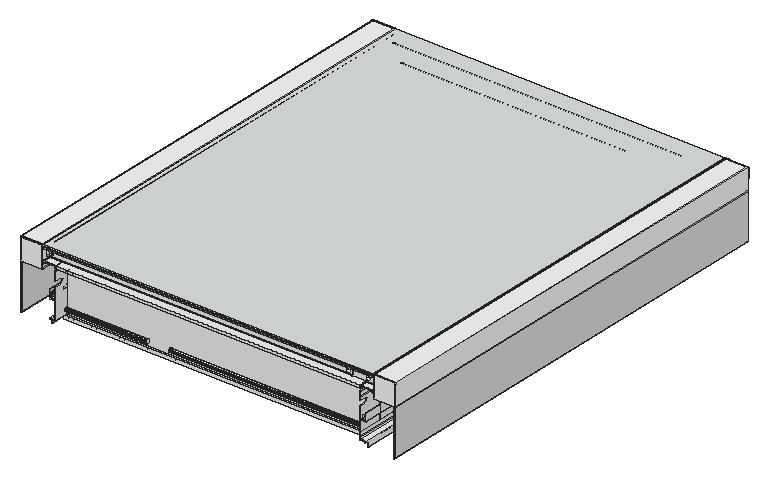
Revit family "Furniture-Lighted_Mirror_Cabinet-KOHLER-VERDERA-K-26379T", category Lighting Fixtures, host Face, Revit 2021
Family settings
  Host = Face
  Round Connector Dimension = Use Diameter
  Part Type = Normal
  OmniClass Number = 23.25.53.11.13.11
  OmniClass Title = Medicine Cabinet
  Cut with Voids When Loaded = No
  Light Source = Yes
  Shared = No
  Room Calculation Point = No
Parameters (values of type "NA-Mild Silver")
  Width = 26 99/128"  # constant formula
  Wattage Comments = "36W"  # constant formula
  Wattage = 35.9911 W
  WaterSense Certified = 1 = 0  # no
  built-in parameter 1150110 = 1 (stored number, unit not read)
  Voltage = 220 V  # constant formula
  URL = "http://www.kohler.com.cn/"
  Type = 1
  built-in parameter 1114217 = 1 (stored number, unit not read)
  built-in parameter 1150109 = 1 (stored number, unit not read)
  built-in parameter 1150134 = 12
  built-in parameter 1150113 = 1 (stored number, unit not read)
  Product Page URL = "https://www.kohler.com.cn/product/K-26379T-L-NA/K-26379T-L-NA/"
  Product Name = "Verdera"  # constant formula
  Product Documentation Link = "https://files.kohler.com.cn/pdfs/1604632419058_%E6%96%B0%E7%BB%B4%E4%B9%902.0%E9%95%9C%E6%9F%9C%E9%93%B6%E8%89%B2%E7%89%88%E5%AE%89%E8%A3%85%E8%AF%B4%E6%98%8E%E4%B9%A6.pdf"
  Model = "K-26379T-L-NA"  # constant formula
  Material = "Aluminium"  # constant formula
  Master Format 2014 Name = "Storage Cabinets"  # constant formula
  Master Format 2014 = "41 53 13"  # constant formula
  Manufacturer Address = "Kohler Beijing Office (100016) 36-2-03-B, No. 88, Liuxiang Road, Beijing"  # constant formula
  Manufacturer = "Kohler Co."  # constant formula
  built-in parameter 1150105 = 413.8 (stored number, unit not read)
  Lumens = 1300 lm
  built-in parameter 1150115 = 1 (stored number, unit not read)
  Light Source Symbol Size = 9"  # constant formula
  built-in parameter 1150137 = (empty or 0)
  built-in parameter 1150139 = (empty or 0)
  Length = 4 59/64"  # constant formula
  built-in parameter 1150112 = 1 (stored number, unit not read)
  built-in parameter 1150114 = 1 (stored number, unit not read)
  Lamp = "LED "  # constant formula
  built-in parameter 1150132 = 2
  built-in parameter 1150102 = (empty or 0)
  built-in parameter 1150107 = 4000 (stored number, unit not read)
  built-in parameter 1150138 = (empty or 0)
  built-in parameter 1150106 = 4.138 (stored number, unit not read)
  Height = 31 127/256"  # constant formula
  Hardware Included = 1 = 0  # no
  Finish = KOHLER-Metal-NA-Mild_Silver
  Environmental Product Declaration = ""
  Emit from Line Length = 24"
  Electrical Note = "One Dedicated Circuit Required"  # constant formula
  Electrical Connector = 1 = 1  # yes
  built-in parameter 1150104 = 3.3557 (stored number, unit not read)
  Dimming Lamp Color Temperature Shift = Incandescent Lamp Curve
  Description = "2.0 Mirror Cabinet (700MM, Silver, Left Door)"  # constant formula
  Default Elevation = 60"
  Declare Label = ""
  Date Modified = "01/19/2023"  # constant formula
  Date Created = "01/19/2023"  # constant formula
  Copyright = "Copyright Kohler Co."  # constant formula
  Contact Us = "http://www.kohler.com.cn/contact/contact-us/"
  Color Filter = 16777215
  built-in parameter 1114218 = 1 (stored number, unit not read)
  built-in parameter 1150133 = 10 (stored number, unit not read)
  Assembly Code = "E2010"
  Apparent Load = 36 VA  # constant formula
  ADA Compliant = 1 = 0  # no
Reference planes (in)
  plane 1 "Center (Front/Back)": y = 0
  plane 2: z = 0
  plane 3 "Center (Left/Right)": x = -3.93703
  plane 4: x = 9.44882
  plane 5: x = 8.66203
  plane 6: x = -16.53528
  plane 7: y = 15.74803
  plane 8: x = 6.2279
  plane 9: x = -15.68821
  plane 10: x = 7.81496
  plane 11: z = 1.9685
  plane 12: z = 4.1381
  plane 13: z = 4.92187
  plane 14: z = 3.34722
  plane 15: y = -15.74806
  plane 16: x = -17.32462
  plane 17: z = 4.14956
  plane 18: z = 0.23626
Dimensions and locks (in)
  "Length": plane 13 to level
  plane 9 to plane 10 = 23.50317"
  plane 5 to imposter light = 25.19731"
  plane 13 to plane 14 = 1.57466"
  plane 14 to level = 3.34722"
  plane 13 to level = 4 59/64"
  "Width": plane 16 to plane 4
  "Height": plane 7 to plane 15
  plane 6 to plane 5 = 25.19731"
  plane 13 to plane 18 = 4.68561"
  aligned and locked: plane 2 to host face
  aligned and locked: level to host face
Automatic sketch dimensions
  host sketch curve to host sketch curve = 96"  (x2)
Nested families (in)
  nested 1: "K-26379T" at (3.93701, 0, 0), type "K-26379T"
Connectors (in)
  electrical at (6.2279, 15.74803, 1.9685), driven by "Voltage", driven by "Apparent Load", driven by "Electrical Connector", driven by "Electrical Note"
    settings: on nested 1, index 1, voltage 220 V, apparent load 36 VA, apparent load phase1 0 VA, apparent load phase2 0 VA, apparent load phase3 0 VA, power factor 1, load classification "Lighting", number of poles 1, system type 30, power factor state 1, is connector primary yes, connector utility yes, sub classification motor no, connector description "One Dedicated Circuit Required"
Definition of nested family "K-26379T"
  Parameters (values of type "K-26379T")
    Wattage Comments = "36W"
    Wattage = 35.9911 W
    built-in parameter 1150110 = 1 (stored number, unit not read)
    built-in parameter 1114217 = 1 (stored number, unit not read)
    built-in parameter 1150109 = 1 (stored number, unit not read)
    built-in parameter 1150134 = 12
    built-in parameter 1150113 = 1 (stored number, unit not read)
    Material = none
    built-in parameter 1150105 = 413.8 (stored number, unit not read)
    Lumens = 1300 lm
    built-in parameter 1150115 = 1 (stored number, unit not read)
    Light Source Symbol Size = 9"
    built-in parameter 1150137 = (empty or 0)
    built-in parameter 1150139 = (empty or 0)
    built-in parameter 1150112 = 1 (stored number, unit not read)
    built-in parameter 1150114 = 1 (stored number, unit not read)
    Lamp = "LED "
    built-in parameter 1150132 = 2
    built-in parameter 1150102 = (empty or 0)
    built-in parameter 1150107 = 4000 (stored number, unit not read)
    built-in parameter 1150138 = (empty or 0)
    built-in parameter 1150106 = 4.138 (stored number, unit not read)
    Emit from Line Length = 24"
    built-in parameter 1150104 = 3.3557 (stored number, unit not read)
    Dimming Lamp Color Temperature Shift = 1
    Default Elevation = 0"
    Color Filter = 16777215
    built-in parameter 1114218 = 1 (stored number, unit not read)
    built-in parameter 1150133 = 10 (stored number, unit not read)
    Apparent Load = 36 VA
  Reference planes (in)
    plane 1 "Center (Front/Back)": y = 0
    plane 2: z = 0
    plane 3 "Center (Left/Right)": x = -7.87403
    plane 4: y = -15.74803
    plane 5: z = 2.28161
    plane 6: z = 4.92126
    plane 7: x = 5.51181
    plane 8: y = 15.74803
    plane 9: z = 3.3466
    plane 10: x = -20.46584
    plane 11: x = 4.72502
    plane 12: z = 4.1381
    plane 13: x = -19.62602
    plane 14: x = 3.87795
    plane 15 "conn": z = 1.9685
    plane 16 "Conn": x = 2.29089
    plane 17: z = 0.23626
    plane 18: x = -21.25988
    plane 19: z = 4.14956
  Forms (in)
    Sweep 1, solid
      path origin (-18.89764, 0, 0) x (1, 0, 0) y (0, 1, 0)
        loop
          line (22.74409, -15.71654) -> (22.74409, 15.71654) -> (-0.69689, 15.71654) -> (-0.69689, -15.71654) -> (22.74409, -15.71654)
      profile origin (3.84646, 0, 0) x (-1, 0, 0) y (0, 0, 1)
        loop
          line (0, 4.92141) -> (-0.0315, 4.88991) -> (-0.0315, 4.83479) -> (0, 4.8033) -> (0.88625, 4.8033) -> (0.88625, 4.92141) -> (0, 4.92141)
    Extrusion 2, solid, material <- "Material", detail levels medium+fine
      sketch origin (-14.4685, 0, 0.03076) x (0, 1, 0) y (0, 0, 1)
        loop
          line (15.51181, 4.16976) -> (15.51181, 4.61174)
          arc (15.51181, 4.61174) -> (15.52334, 4.63958) -> (15.55118, 4.65111) r 0.03937
          line (15.55118, 4.65111) -> (15.66022, 4.65111)
          arc (15.66022, 4.65111) -> (15.70943, 4.70033) -> (15.66022, 4.74954) r 0.04921
          line (15.66022, 4.74954) -> (15.41339, 4.74954) -> (15.41339, 4.16976)
          arc (15.41339, 4.16976) -> (15.4626, 4.12055) -> (15.51181, 4.16976) r 0.04921
      from -5.11815 to 18.34646
    Extrusion 3, solid
      sketch origin (0, 0, 0) x (1, 0, 0) y (0, 1, 0)
        loop
          line (-18.70828, 14.83029) -> (-18.70828, -14.83029) -> (2.96021, -14.83029) -> (2.96021, 14.83029) -> (-18.70828, 14.83029)
      from 4.80315 to 4.92126
    Sweep 4, solid
      path origin (-3.93705, 0, 0) x (0, 1, 0) y (0, 0, -1)
        loop
          line (15.70866, -0.11811) -> (-15.70866, -0.11811) -> (-15.70866, -3.30709) -> (15.70866, -3.30709) -> (15.70866, -0.11811)
      profile origin (-3.93705, 0, 0.11811) x (0, 0, 1) y (-1, 0, 0)
        loop
          line (0.13338, 17.20472) -> (0.13338, 17.32283) -> (0.00015, 17.32283) -> (-0.03937, 17.28332) -> (-0.03937, 17.24424) -> (0.00015, 17.20472) -> (0.13338, 17.20472)
    Extrusion 5, solid
      sketch origin (-3.93705, 0, 0) x (0, 1, 0) y (0, 0, -1)
        loop
          line (-15.57528, -3.17371) -> (15.57528, -3.17371) -> (15.57528, -0.25149) -> (-15.57528, -0.25149) -> (-15.57528, -3.17371)
      from 17.20472 to 17.32283
    Extrusion 6, solid
      sketch origin (-3.93705, 0, 0) x (1, 0, 0) y (0, 0, 1)
        loop
          arc (-17.32283, 3.38604) -> (-17.31124, 3.35805) -> (-17.28326, 3.34646) r 0.03958
          line (-17.28326, 3.34646) -> (-15.7874, 3.34646)
          arc (-15.7874, 3.34646) -> (-15.75956, 3.35799) -> (-15.74803, 3.38583) r 0.03937
          line (-15.74803, 3.38583) -> (-15.74803, 4.88194)
          arc (-15.74803, 4.88194) -> (-15.75955, 4.90974) -> (-15.78735, 4.92126) r 0.03932
          line (-15.78735, 4.92126) -> (-17.28318, 4.92126)
          arc (-17.28318, 4.92126) -> (-17.31122, 4.90965) -> (-17.32283, 4.88161) r 0.03965
          line (-17.32283, 4.88161) -> (-17.32283, 3.38604)
        loop
          line (-15.78735, 4.90157) -> (-17.28318, 4.90157)
          arc (-17.28318, 4.90157) -> (-17.2973, 4.89573) -> (-17.30315, 4.88161) r 0.01997
          line (-17.30315, 4.88161) -> (-17.30315, 3.38604)
          arc (-17.30315, 3.38604) -> (-17.29732, 3.37197) -> (-17.28326, 3.36614) r 0.01989
          line (-17.28326, 3.36614) -> (-15.7874, 3.36614)
          arc (-15.7874, 3.36614) -> (-15.77348, 3.37191) -> (-15.76772, 3.38583) r 0.01969
          line (-15.76772, 3.38583) -> (-15.76772, 4.88194)
          arc (-15.76772, 4.88194) -> (-15.77347, 4.89582) -> (-15.78735, 4.90157) r 0.01963
      from -15.68898 to 15.68898
    Extrusion 7, solid
      sketch origin (-3.93705, 0, 0) x (1, 0, 0) y (0, 0, 1)
        loop
          arc (-17.27149, 4.9152) -> (-17.30362, 4.90188) -> (-17.31693, 4.86975) r 0.04544
          line (-17.31693, 4.86975) -> (-17.31692, 3.39865)
          arc (-17.31692, 3.39865) -> (-17.30336, 3.36592) -> (-17.27063, 3.35236) r 0.04628
          line (-17.27063, 3.35236) -> (-15.80012, 3.35237)
          arc (-15.80012, 3.35237) -> (-15.76746, 3.3659) -> (-15.75393, 3.39857) r 0.04619
          line (-15.75393, 3.39857) -> (-15.75394, 4.86788)
          arc (-15.75394, 4.86788) -> (-15.76785, 4.90146) -> (-15.80142, 4.91536) r 0.04748
          line (-15.80142, 4.91536) -> (-17.27149, 4.9152)
      from -15.74803 to -15.68898
    Extrusion 8, solid
      sketch origin (-3.93705, 0, 0) x (1, 0, 0) y (0, 0, -1)
        loop
          line (-17.27149, -4.9152) -> (-15.80142, -4.91536)
          arc (-15.80142, -4.91536) -> (-15.76785, -4.90146) -> (-15.75394, -4.86788) r 0.04748
          line (-15.75394, -4.86788) -> (-15.75393, -3.39857)
          arc (-15.75393, -3.39857) -> (-15.76746, -3.3659) -> (-15.80012, -3.35237) r 0.04619
          line (-15.80012, -3.35237) -> (-17.27063, -3.35236)
          arc (-17.27063, -3.35236) -> (-17.30336, -3.36592) -> (-17.31692, -3.39865) r 0.04628
          line (-17.31692, -3.39865) -> (-17.31693, -4.86975)
          arc (-17.31693, -4.86975) -> (-17.30362, -4.90188) -> (-17.27149, -4.9152) r 0.04544
      from -15.74803 to -15.68898
    Extrusion 9, solid, material <- "Material", detail levels medium+fine
      sketch origin (-3.93705, 0, 0) x (-1, 0, 0) y (0, 0, -1)
        loop
          line (15.31496, -1.37795) -> (15.23622, -1.37795) -> (15.23622, -3.30709)
          arc (15.23622, -3.30709) -> (15.24775, -3.33493) -> (15.27559, -3.34646) r 0.03937
          line (15.27559, -3.34646) -> (15.7874, -3.34646) -> (16.77165, -3.34646) -> (16.77165, -3.26772) -> (15.31496, -3.26772) -> (15.31496, -1.37795)
      from -14.54724 to -13.36614
    Extrusion 10, solid, material <- "Material", detail levels medium+fine
      sketch origin (-3.93705, -13.8189, 0) x (-1, 0, 0) y (0, 0, -1)
        loop
          line (15.31496, -1.37795) -> (15.23622, -1.37795) -> (15.23622, -3.30709)
          arc (15.23622, -3.30709) -> (15.24775, -3.33493) -> (15.27559, -3.34646) r 0.03937
          line (15.27559, -3.34646) -> (15.7874, -3.34646) -> (16.77165, -3.34646) -> (16.77165, -3.26772) -> (15.31496, -3.26772) -> (15.31496, -1.37795)
      from -14.40945 to -13.22835
    Extrusion 11, solid, material <- "Material", detail levels medium+fine
      sketch origin (-3.93705, -27.59843, 0) x (-1, 0, 0) y (0, 0, -1)
        loop
          line (15.31496, -1.37795) -> (15.23622, -1.37795) -> (15.23622, -3.30709)
          arc (15.23622, -3.30709) -> (15.24775, -3.33493) -> (15.27559, -3.34646) r 0.03937
          line (15.27559, -3.34646) -> (15.7874, -3.34646) -> (16.77165, -3.34646) -> (16.77165, -3.26772) -> (15.31496, -3.26772) -> (15.31496, -1.37795)
      from -14.23228 to -13.05118
    Extrusion 12, solid, material <- "Material", detail levels medium+fine
      sketch origin (-5.90551, 0, 0) x (0, 1, 0) y (0, 0, 1)
        loop
          line (-15.03937, 0.45669) -> (-15.03937, 0.23626) -> (-14.98031, 0.23626) -> (-14.98031, 0.3937) -> (-14.48876, 0.3937) -> (-14.48876, 0.45669) -> (-14.76378, 0.45669) -> (-14.76378, 3.93701) -> (-15.74803, 3.93701) -> (-15.74803, 3.74016) -> (-15.61024, 3.74016) -> (-15.61024, 3.80315) -> (-15.68504, 3.80315) -> (-15.68504, 3.87402) -> (-14.82677, 3.87402) -> (-14.82677, 3.4609)
          arc (-14.82677, 3.4609) -> (-14.83776, 3.44238) -> (-14.85928, 3.44316) r 0.0211
          arc (-14.85928, 3.44316) -> (-14.93337, 3.46127) -> (-15.00287, 3.42988) r 0.117
          arc (-15.00287, 3.42988) -> (-15.00421, 3.38943) -> (-14.96377, 3.38776) r 0.02873
          arc (-14.96377, 3.38776) -> (-14.86285, 3.34318) -> (-14.9639, 3.29888) r 0.06027
          arc (-14.9639, 3.29888) -> (-15.00456, 3.29736) -> (-15.00344, 3.25669) r 0.02891
          arc (-15.00344, 3.25669) -> (-14.93136, 3.22459) -> (-14.8553, 3.24555) r 0.117
          arc (-14.8553, 3.24555) -> (-14.83653, 3.2468) -> (-14.82677, 3.23073) r 0.01811
          line (-14.82677, 3.23073) -> (-14.82677, 0.90007)
          arc (-14.82677, 0.90007) -> (-14.83653, 0.884) -> (-14.8553, 0.88525) r 0.01811
          arc (-14.8553, 0.88525) -> (-14.93136, 0.90621) -> (-15.00344, 0.87412) r 0.117
          arc (-15.00344, 0.87412) -> (-15.00456, 0.83345) -> (-14.9639, 0.83193) r 0.02891
          arc (-14.9639, 0.83193) -> (-14.86285, 0.78763) -> (-14.96377, 0.74304) r 0.06027
          arc (-14.96377, 0.74304) -> (-15.00421, 0.74137) -> (-15.00287, 0.70092) r 0.02873
          arc (-15.00287, 0.70092) -> (-14.93337, 0.66953) -> (-14.85928, 0.68764) r 0.117
          arc (-14.85928, 0.68764) -> (-14.83776, 0.68842) -> (-14.82677, 0.6699) r 0.0211
          line (-14.82677, 0.6699) -> (-14.82677, 0.45669) -> (-15.03937, 0.45669)
      from -12.79531 to 8.85827
    Extrusion 13, solid, material <- "Material", detail levels medium+fine
      sketch origin (-14.4685, 0, 0) x (0, -1, 0) y (0, 0, -1)
        loop
          arc (15.51181, -4.19911) -> (15.4626, -4.1499) -> (15.41339, -4.19911) r 0.04921
          line (15.41339, -4.19911) -> (15.41339, -4.77953) -> (15.65724, -4.77953)
          arc (15.65724, -4.77953) -> (15.70645, -4.73031) -> (15.65724, -4.6811) r 0.04921
          line (15.65724, -4.6811) -> (15.55118, -4.6811)
          arc (15.55118, -4.6811) -> (15.52334, -4.66957) -> (15.51181, -4.64173) r 0.03937
          line (15.51181, -4.64173) -> (15.51181, -4.19911)
      from -5.11815 to 16.79134
    Extrusion 14, solid, material <- "Material", detail levels medium+fine
      sketch origin (0, 0, 0) x (0, 1, 0) y (0, 0, 1)
        loop
          line (15.57969, 3.64212) -> (15.68691, 3.6403) -> (15.68691, 0.29778) -> (15.57791, 0.29593)
          arc (15.57791, 0.29593) -> (15.54882, 0.2661) -> (15.57841, 0.23676) r 0.02959
          line (15.57841, 0.23676) -> (15.68522, 0.23676)
          arc (15.68522, 0.23676) -> (15.72957, 0.25512) -> (15.74793, 0.29947) r 0.06271
          line (15.74793, 0.29947) -> (15.74793, 3.64119)
          arc (15.74793, 3.64119) -> (15.73032, 3.68371) -> (15.6878, 3.70132) r 0.06013
          line (15.6878, 3.70132) -> (15.58019, 3.70132)
          arc (15.58019, 3.70132) -> (15.55058, 3.67197) -> (15.57969, 3.64212) r 0.02961
      from -19.48813 to 3.74016
    Extrusion 15, solid, material <- "Material", detail levels medium+fine
      sketch origin (-5.90551, 0, 0) x (0, -1, 0) y (0, 0, -1)
        loop
          line (-15.03937, -0.45669) -> (-14.82677, -0.45669) -> (-14.82677, -0.6699)
          arc (-14.82677, -0.6699) -> (-14.83776, -0.68842) -> (-14.85928, -0.68764) r 0.0211
          arc (-14.85928, -0.68764) -> (-14.93337, -0.66953) -> (-15.00287, -0.70092) r 0.117
          arc (-15.00287, -0.70092) -> (-15.00421, -0.74137) -> (-14.96377, -0.74304) r 0.02873
          arc (-14.96377, -0.74304) -> (-14.86285, -0.78763) -> (-14.9639, -0.83193) r 0.06027
          arc (-14.9639, -0.83193) -> (-15.00456, -0.83345) -> (-15.00344, -0.87412) r 0.02891
          arc (-15.00344, -0.87412) -> (-14.93136, -0.90621) -> (-14.8553, -0.88525) r 0.117
          arc (-14.8553, -0.88525) -> (-14.83653, -0.884) -> (-14.82677, -0.90007) r 0.01811
          line (-14.82677, -0.90007) -> (-14.82677, -3.23073)
          arc (-14.82677, -3.23073) -> (-14.83653, -3.2468) -> (-14.8553, -3.24555) r 0.01811
          arc (-14.8553, -3.24555) -> (-14.93136, -3.22459) -> (-15.00344, -3.25669) r 0.117
          arc (-15.00344, -3.25669) -> (-15.00456, -3.29736) -> (-14.9639, -3.29888) r 0.02891
          arc (-14.9639, -3.29888) -> (-14.86285, -3.34318) -> (-14.96377, -3.38776) r 0.06027
          arc (-14.96377, -3.38776) -> (-15.00421, -3.38943) -> (-15.00287, -3.42988) r 0.02873
          arc (-15.00287, -3.42988) -> (-14.93337, -3.46127) -> (-14.85928, -3.44316) r 0.117
          arc (-14.85928, -3.44316) -> (-14.83776, -3.44238) -> (-14.82677, -3.4609) r 0.0211
          line (-14.82677, -3.4609) -> (-14.82677, -3.87402) -> (-15.68504, -3.87402) -> (-15.68504, -3.80315) -> (-15.61024, -3.80315) -> (-15.61024, -3.74016) -> (-15.74803, -3.74016) -> (-15.74803, -3.93701) -> (-14.76378, -3.93701) -> (-14.76378, -0.45669) -> (-14.48876, -0.45669) -> (-14.48876, -0.3937) -> (-14.98031, -0.3937) -> (-14.98031, -0.23626) -> (-15.03937, -0.23626) -> (-15.03937, -0.45669)
      from -12.79531 to 8.85827
    Extrusion 16, solid, material <- "Material", detail levels medium+fine
      sketch origin (-3.93705, 0, 0) x (-1, 0, 0) y (0, 0, -1)
        loop
          line (15.61007, -3.74016) -> (15.61007, -3.80315) -> (15.66535, -3.80315)
          arc (15.66535, -3.80315) -> (15.67927, -3.80892) -> (15.68504, -3.82283) r 0.01969
          line (15.68504, -3.82283) -> (15.68504, -3.85433)
          arc (15.68504, -3.85433) -> (15.67927, -3.86825) -> (15.66535, -3.87402) r 0.01969
          line (15.66535, -3.87402) -> (14.84735, -3.87402)
          arc (14.84735, -3.87402) -> (14.8328, -3.86799) -> (14.82677, -3.85344) r 0.02058
          line (14.82677, -3.85344) -> (14.82677, -3.51867) -> (14.83858, -3.48622) -> (14.83858, -3.20669) -> (14.82677, -3.17424) -> (14.82677, -1.75591)
          arc (14.82677, -1.75591) -> (14.83254, -1.74199) -> (14.84646, -1.73622) r 0.01969
          line (14.84646, -1.73622) -> (15.16535, -1.73622)
          arc (15.16535, -1.73622) -> (15.17927, -1.74199) -> (15.18504, -1.75591) r 0.01969
          line (15.18504, -1.75591) -> (15.18504, -1.84805)
          arc (15.18504, -1.84805) -> (15.17534, -1.86502) -> (15.15579, -1.86526) r 0.01969
          arc (15.15579, -1.86526) -> (15.12806, -1.85417) -> (15.09843, -1.85039) r 0.11811
          arc (15.09843, -1.85039) -> (15.05462, -1.85882) -> (15.01707, -1.88288) r 0.11811
          arc (15.01707, -1.88288) -> (15.01607, -1.92398) -> (15.05717, -1.92489) r 0.02904
          arc (15.05717, -1.92489) -> (15.158, -1.96638) -> (15.05942, -2.01297) r 0.0596
          arc (15.05942, -2.01297) -> (15.01788, -2.01591) -> (15.02073, -2.05746) r 0.02948
          arc (15.02073, -2.05746) -> (15.05693, -2.07909) -> (15.09843, -2.08661) r 0.11811
          arc (15.09843, -2.08661) -> (15.12806, -2.08284) -> (15.15579, -2.07175) r 0.11811
          arc (15.15579, -2.07175) -> (15.17534, -2.07199) -> (15.18504, -2.08895) r 0.01969
          line (15.18504, -2.08895) -> (15.18504, -2.23871)
          arc (15.18504, -2.23871) -> (15.21063, -2.2643) -> (15.23622, -2.23871) r 0.02559
          line (15.23622, -2.23871) -> (15.23622, -1.69291)
          arc (15.23622, -1.69291) -> (15.23045, -1.67899) -> (15.21654, -1.67323) r 0.01969
          line (15.21654, -1.67323) -> (14.84646, -1.67323)
          arc (14.84646, -1.67323) -> (14.83254, -1.66746) -> (14.82677, -1.65354) r 0.01969
          line (14.82677, -1.65354) -> (14.82677, -0.93898) -> (14.83858, -0.90653) -> (14.83858, -0.67991) -> (14.82677, -0.63583) -> (14.82677, -0.47638)
          arc (14.82677, -0.47638) -> (14.83254, -0.46246) -> (14.84646, -0.45669) r 0.01969
          line (14.84646, -0.45669) -> (15.21654, -0.45669)
          arc (15.21654, -0.45669) -> (15.23045, -0.45093) -> (15.23622, -0.43701) r 0.01969
          line (15.23622, -0.43701) -> (15.23622, -0.03135)
          arc (15.23622, -0.03135) -> (15.20472, 0.00015) -> (15.17323, -0.03135) r 0.0315
          line (15.17323, -0.03135) -> (15.17323, -0.37274)
          arc (15.17323, -0.37274) -> (15.16709, -0.38756) -> (15.15227, -0.3937) r 0.02096
          line (15.15227, -0.3937) -> (14.78346, -0.3937)
          arc (14.78346, -0.3937) -> (14.76955, -0.39947) -> (14.76378, -0.41339) r 0.01969
          line (14.76378, -0.41339) -> (14.76378, -3.91705)
          arc (14.76378, -3.91705) -> (14.76963, -3.93116) -> (14.78374, -3.93701) r 0.01996
          line (14.78374, -3.93701) -> (15.72835, -3.93701)
          arc (15.72835, -3.93701) -> (15.74227, -3.93124) -> (15.74803, -3.91732) r 0.01969
          line (15.74803, -3.91732) -> (15.74803, -3.75984)
          arc (15.74803, -3.75984) -> (15.74227, -3.74592) -> (15.72835, -3.74016) r 0.01969
          line (15.72835, -3.74016) -> (15.61007, -3.74016)
      from -15.74803 to 15.74803
    Sweep 17, solid, detail levels medium+fine
      path origin (0, 0, 0) x (1, 0, 0) y (0, 1, 0)
        loop
          line (3.30315, 14.94094) -> (-19.09843, 14.94094) -> (-19.09843, -14.94094) -> (3.30315, -14.94094) -> (3.30315, 14.94094)
      profile origin (-19.09843, 14.94094, 0) x (1, 0, 0) y (0, 0, 1)
        loop
          line (0.03922, 0.3937) -> (0, 0.35448) -> (0, 0.31511) -> (0.03937, 0.27574) -> (0.15748, 0.27574) -> (0.15748, 0.3937) -> (0.03922, 0.3937)
    Extrusion 18, solid, detail levels medium+fine
      sketch origin (0, 0, 0) x (1, 0, 0) y (0, 1, 0)
        loop
          line (3.14567, 14.78346) -> (-18.94094, 14.78346) -> (-18.94094, -14.78346) -> (3.14567, -14.78346) -> (3.14567, 14.78346)
      from 0.27574 to 0.3937
    Extrusion 19, void
      sketch origin (-3.93705, 0, 0) x (0, 1, 0) y (0, 0, 1)
        loop
          line (-15.36011, 2.95276) -> (-15.87343, 2.95276) -> (-15.87343, 3.54331) -> (-15.54618, 3.54331)
          arc (-15.54618, 3.54331) -> (-15.52188, 3.55337) -> (-15.51181, 3.57768) r 0.03437
          line (-15.51181, 3.57768) -> (-15.51181, 3.70115)
          arc (-15.51181, 3.70115) -> (-15.52323, 3.72873) -> (-15.55081, 3.74016) r 0.039
          line (-15.55081, 3.74016) -> (-16.07028, 3.74016) -> (-16.07028, -0.05519) -> (-15.51181, -0.05519) -> (-15.51181, 0.31496)
          arc (-15.51181, 0.31496) -> (-15.52334, 0.3428) -> (-15.55118, 0.35433) r 0.03937
          line (-15.55118, 0.35433) -> (-15.87343, 0.35433) -> (-15.87343, 2.55906) -> (-15.36011, 2.55906)
          arc (-15.36011, 2.55906) -> (-15.16326, 2.75591) -> (-15.36011, 2.95276) r 0.19685
      from -15.36412 to -14.59348
    Extrusion 20, solid, material <- "Material", detail levels medium+fine
      sketch origin (-3.93705, 0, 0) x (-1, 0, 0) y (0, 0, -1)
        loop
          arc (16.40179, -3.20866) -> (16.38494, -3.21564) -> (16.37795, -3.2325) r 0.02384
          line (16.37795, -3.2325) -> (16.37795, -3.27559) -> (16.24602, -3.27559)
          arc (16.24602, -3.27559) -> (16.23074, -3.28192) -> (16.22441, -3.29721) r 0.02161
          line (16.22441, -3.29721) -> (16.22441, -3.34646) -> (16.84646, -3.34646) -> (16.84646, -3.29585)
          arc (16.84646, -3.29585) -> (16.84052, -3.28153) -> (16.82619, -3.27559) r 0.02026
          line (16.82619, -3.27559) -> (16.69291, -3.27559) -> (16.69291, -3.23149)
          arc (16.69291, -3.23149) -> (16.68623, -3.21535) -> (16.67009, -3.20866) r 0.02283
          line (16.67009, -3.20866) -> (16.40179, -3.20866)
      from -2.91339 to -2.59843
    Sweep 21, solid
      path origin (-11.81102, 0, 0) x (0, 1, 0) y (0, 0, 1)
        loop
          line (15.70866, 0.11811) -> (15.70866, 3.30709) -> (-15.70866, 3.30709) -> (-15.70866, 0.11811) -> (15.70866, 0.11811)
      profile origin (-11.81102, 0, 0.11811) x (0, 0, -1) y (1, 0, 0)
        loop
          line (-0.13338, 17.20472) -> (0, 17.20472) -> (0.03937, 17.24409) -> (0.03937, 17.28346) -> (0, 17.32283) -> (-0.13338, 17.32283) -> (-0.13338, 17.20472)
    Extrusion 22, solid
      sketch origin (-11.81102, 0, 0) x (0, 1, 0) y (0, 0, 1)
        loop
          line (-15.57528, 3.17371) -> (-15.57528, 0.25149) -> (15.57528, 0.25149) -> (15.57528, 3.17371) -> (-15.57528, 3.17371)
      from 17.20472 to 17.32283
    Extrusion 23, solid
      sketch origin (-11.81102, 0, 0) x (-1, 0, 0) y (0, 0, -1)
        loop
          line (-17.32283, -3.38604) -> (-17.32283, -4.88161)
          arc (-17.32283, -4.88161) -> (-17.31122, -4.90965) -> (-17.28318, -4.92126) r 0.03965
          line (-17.28318, -4.92126) -> (-15.78735, -4.92126)
          arc (-15.78735, -4.92126) -> (-15.75955, -4.90974) -> (-15.74803, -4.88194) r 0.03932
          line (-15.74803, -4.88194) -> (-15.74803, -3.38583)
          arc (-15.74803, -3.38583) -> (-15.75956, -3.35799) -> (-15.7874, -3.34646) r 0.03937
          line (-15.7874, -3.34646) -> (-17.28326, -3.34646)
          arc (-17.28326, -3.34646) -> (-17.31124, -3.35805) -> (-17.32283, -3.38604) r 0.03958
        loop
          arc (-15.78735, -4.90157) -> (-15.77347, -4.89582) -> (-15.76772, -4.88194) r 0.01963
          line (-15.76772, -4.88194) -> (-15.76772, -3.38583)
          arc (-15.76772, -3.38583) -> (-15.77348, -3.37191) -> (-15.7874, -3.36614) r 0.01969
          line (-15.7874, -3.36614) -> (-17.28326, -3.36614)
          arc (-17.28326, -3.36614) -> (-17.29732, -3.37197) -> (-17.30315, -3.38604) r 0.01989
          line (-17.30315, -3.38604) -> (-17.30315, -4.88161)
          arc (-17.30315, -4.88161) -> (-17.2973, -4.89573) -> (-17.28318, -4.90157) r 0.01997
          line (-17.28318, -4.90157) -> (-15.78735, -4.90157)
      from -15.68898 to 15.68898
    Extrusion 24, solid
      sketch origin (-11.81102, 0, 0) x (-1, 0, 0) y (0, 0, -1)
        loop
          line (-17.27149, -4.9152) -> (-15.80142, -4.91536)
          arc (-15.80142, -4.91536) -> (-15.76785, -4.90146) -> (-15.75394, -4.86788) r 0.04748
          line (-15.75394, -4.86788) -> (-15.75393, -3.39857)
          arc (-15.75393, -3.39857) -> (-15.76746, -3.3659) -> (-15.80012, -3.35237) r 0.04619
          line (-15.80012, -3.35237) -> (-17.27063, -3.35236)
          arc (-17.27063, -3.35236) -> (-17.30336, -3.36592) -> (-17.31692, -3.39865) r 0.04628
          line (-17.31692, -3.39865) -> (-17.31693, -4.86975)
          arc (-17.31693, -4.86975) -> (-17.30362, -4.90188) -> (-17.27149, -4.9152) r 0.04544
      from -15.74803 to -15.68898
    Extrusion 25, solid
      sketch origin (-11.81102, 0, 0) x (-1, 0, 0) y (0, 0, 1)
        loop
          arc (-17.27149, 4.9152) -> (-17.30362, 4.90188) -> (-17.31693, 4.86975) r 0.04544
          line (-17.31693, 4.86975) -> (-17.31692, 3.39865)
          arc (-17.31692, 3.39865) -> (-17.30336, 3.36592) -> (-17.27063, 3.35236) r 0.04628
          line (-17.27063, 3.35236) -> (-15.80012, 3.35237)
          arc (-15.80012, 3.35237) -> (-15.76746, 3.3659) -> (-15.75393, 3.39857) r 0.04619
          line (-15.75393, 3.39857) -> (-15.75394, 4.86788)
          arc (-15.75394, 4.86788) -> (-15.76785, 4.90146) -> (-15.80142, 4.91536) r 0.04748
          line (-15.80142, 4.91536) -> (-17.27149, 4.9152)
      from -15.74803 to -15.68898
    Extrusion 26, solid, material <- "Material", detail levels medium+fine
      sketch origin (-11.81102, 0, 0) x (1, 0, 0) y (0, 0, 1)
        loop
          line (15.31496, 1.37795) -> (15.31496, 3.26772) -> (16.77165, 3.26772) -> (16.77165, 3.34646) -> (15.7874, 3.34646) -> (15.27559, 3.34646)
          arc (15.27559, 3.34646) -> (15.24775, 3.33493) -> (15.23622, 3.30709) r 0.03937
          line (15.23622, 3.30709) -> (15.23622, 1.37795) -> (15.31496, 1.37795)
      from -14.54724 to -13.36614
    Extrusion 27, solid, material <- "Material", detail levels medium+fine
      sketch origin (-11.81102, -13.8189, 0) x (1, 0, 0) y (0, 0, 1)
        loop
          line (15.31496, 1.37795) -> (15.31496, 3.26772) -> (16.77165, 3.26772) -> (16.77165, 3.34646) -> (15.7874, 3.34646) -> (15.27559, 3.34646)
          arc (15.27559, 3.34646) -> (15.24775, 3.33493) -> (15.23622, 3.30709) r 0.03937
          line (15.23622, 3.30709) -> (15.23622, 1.37795) -> (15.31496, 1.37795)
      from -14.40945 to -13.22835
    Extrusion 28, solid, material <- "Material", detail levels medium+fine
      sketch origin (-11.81102, -27.59843, 0) x (1, 0, 0) y (0, 0, 1)
        loop
          line (15.31496, 1.37795) -> (15.31496, 3.26772) -> (16.77165, 3.26772) -> (16.77165, 3.34646) -> (15.7874, 3.34646) -> (15.27559, 3.34646)
          arc (15.27559, 3.34646) -> (15.24775, 3.33493) -> (15.23622, 3.30709) r 0.03937
          line (15.23622, 3.30709) -> (15.23622, 1.37795) -> (15.31496, 1.37795)
      from -14.23228 to -13.05118
    Extrusion 29, solid, material <- "Material", detail levels medium+fine
      sketch origin (-11.81102, 0, 0) x (1, 0, 0) y (0, 0, 1)
        loop
          line (15.61007, 3.74016) -> (15.72835, 3.74016)
          arc (15.72835, 3.74016) -> (15.74227, 3.74592) -> (15.74803, 3.75984) r 0.01969
          line (15.74803, 3.75984) -> (15.74803, 3.91732)
          arc (15.74803, 3.91732) -> (15.74227, 3.93124) -> (15.72835, 3.93701) r 0.01969
          line (15.72835, 3.93701) -> (14.78374, 3.93701)
          arc (14.78374, 3.93701) -> (14.76963, 3.93116) -> (14.76378, 3.91705) r 0.01996
          line (14.76378, 3.91705) -> (14.76378, 0.41339)
          arc (14.76378, 0.41339) -> (14.76955, 0.39947) -> (14.78346, 0.3937) r 0.01969
          line (14.78346, 0.3937) -> (15.15227, 0.3937)
          arc (15.15227, 0.3937) -> (15.16709, 0.38756) -> (15.17323, 0.37274) r 0.02096
          line (15.17323, 0.37274) -> (15.17323, 0.03135)
          arc (15.17323, 0.03135) -> (15.20472, -0.00015) -> (15.23622, 0.03135) r 0.0315
          line (15.23622, 0.03135) -> (15.23622, 0.43701)
          arc (15.23622, 0.43701) -> (15.23045, 0.45093) -> (15.21654, 0.45669) r 0.01969
          line (15.21654, 0.45669) -> (14.84646, 0.45669)
          arc (14.84646, 0.45669) -> (14.83254, 0.46246) -> (14.82677, 0.47638) r 0.01969
          line (14.82677, 0.47638) -> (14.82677, 0.63583) -> (14.83858, 0.67991) -> (14.83858, 0.90653) -> (14.82677, 0.93898) -> (14.82677, 1.65354)
          arc (14.82677, 1.65354) -> (14.83254, 1.66746) -> (14.84646, 1.67323) r 0.01969
          line (14.84646, 1.67323) -> (15.21654, 1.67323)
          arc (15.21654, 1.67323) -> (15.23045, 1.67899) -> (15.23622, 1.69291) r 0.01969
          line (15.23622, 1.69291) -> (15.23622, 2.23871)
          arc (15.23622, 2.23871) -> (15.21063, 2.2643) -> (15.18504, 2.23871) r 0.02559
          line (15.18504, 2.23871) -> (15.18504, 2.08895)
          arc (15.18504, 2.08895) -> (15.17534, 2.07199) -> (15.15579, 2.07175) r 0.01969
          arc (15.15579, 2.07175) -> (15.12806, 2.08284) -> (15.09843, 2.08661) r 0.11811
          arc (15.09843, 2.08661) -> (15.05693, 2.07909) -> (15.02073, 2.05746) r 0.11811
          arc (15.02073, 2.05746) -> (15.01788, 2.01591) -> (15.05942, 2.01297) r 0.02948
          arc (15.05942, 2.01297) -> (15.158, 1.96638) -> (15.05717, 1.92489) r 0.0596
          arc (15.05717, 1.92489) -> (15.01607, 1.92398) -> (15.01707, 1.88288) r 0.02904
          arc (15.01707, 1.88288) -> (15.05462, 1.85882) -> (15.09843, 1.85039) r 0.11811
          arc (15.09843, 1.85039) -> (15.12806, 1.85417) -> (15.15579, 1.86526) r 0.11811
          arc (15.15579, 1.86526) -> (15.17534, 1.86502) -> (15.18504, 1.84805) r 0.01969
          line (15.18504, 1.84805) -> (15.18504, 1.75591)
          arc (15.18504, 1.75591) -> (15.17927, 1.74199) -> (15.16535, 1.73622) r 0.01969
          line (15.16535, 1.73622) -> (14.84646, 1.73622)
          arc (14.84646, 1.73622) -> (14.83254, 1.74199) -> (14.82677, 1.75591) r 0.01969
          line (14.82677, 1.75591) -> (14.82677, 3.17424) -> (14.83858, 3.20669) -> (14.83858, 3.48622) -> (14.82677, 3.51867) -> (14.82677, 3.85344)
          arc (14.82677, 3.85344) -> (14.8328, 3.86799) -> (14.84735, 3.87402) r 0.02058
          line (14.84735, 3.87402) -> (15.66535, 3.87402)
          arc (15.66535, 3.87402) -> (15.67927, 3.86825) -> (15.68504, 3.85433) r 0.01969
          line (15.68504, 3.85433) -> (15.68504, 3.82283)
          arc (15.68504, 3.82283) -> (15.67927, 3.80892) -> (15.66535, 3.80315) r 0.01969
          line (15.66535, 3.80315) -> (15.61007, 3.80315) -> (15.61007, 3.74016)
      from -15.74803 to 15.74803
    Extrusion 30, void
      sketch origin (-11.81102, 0, 0) x (0, 1, 0) y (0, 0, -1)
        loop
          arc (-15.36011, -2.95276) -> (-15.16326, -2.75591) -> (-15.36011, -2.55906) r 0.19685
          line (-15.36011, -2.55906) -> (-15.87343, -2.55906) -> (-15.87343, -0.35433) -> (-15.55118, -0.35433)
          arc (-15.55118, -0.35433) -> (-15.52334, -0.3428) -> (-15.51181, -0.31496) r 0.03937
          line (-15.51181, -0.31496) -> (-15.51181, 0.05519) -> (-16.07028, 0.05519) -> (-16.07028, -3.74016) -> (-15.55171, -3.74016)
          arc (-15.55171, -3.74016) -> (-15.5235, -3.72847) -> (-15.51181, -3.70026) r 0.0399
          line (-15.51181, -3.70026) -> (-15.51181, -3.58246)
          arc (-15.51181, -3.58246) -> (-15.52328, -3.55478) -> (-15.55097, -3.54331) r 0.03916
          line (-15.55097, -3.54331) -> (-15.87343, -3.54331) -> (-15.87343, -2.95276) -> (-15.36011, -2.95276)
      from -15.36412 to -14.59348
    Extrusion 31, solid, material <- "Material", detail levels medium+fine
      sketch origin (-11.81102, 0, 0) x (1, 0, 0) y (0, 0, 1)
        loop
          line (16.40179, 3.20866) -> (16.67009, 3.20866)
          arc (16.67009, 3.20866) -> (16.68623, 3.21535) -> (16.69291, 3.23149) r 0.02283
          line (16.69291, 3.23149) -> (16.69291, 3.27559) -> (16.82619, 3.27559)
          arc (16.82619, 3.27559) -> (16.84052, 3.28153) -> (16.84646, 3.29585) r 0.02026
          line (16.84646, 3.29585) -> (16.84646, 3.34646) -> (16.22441, 3.34646) -> (16.22441, 3.29721)
          arc (16.22441, 3.29721) -> (16.23074, 3.28192) -> (16.24602, 3.27559) r 0.02161
          line (16.24602, 3.27559) -> (16.37795, 3.27559) -> (16.37795, 3.2325)
          arc (16.37795, 3.2325) -> (16.38494, 3.21564) -> (16.40179, 3.20866) r 0.02384
      from -2.91339 to -2.59843
    Blend 32, void
      base sketch origin (-3.93666, 0, 0.00788) x (1, 0, 0) y (0, 0, 1)
        loop
          circle (-15.25631, 4.39755) r 0.15751
      top sketch origin (-3.93666, 0, 0.00788) x (1, 0, 0) y (0, 0, 1)
        loop
          circle (-15.25631, 4.39755) r 0.07956
      from -15.51181 to -15.43447
    Blend 33, void
      base sketch origin (18.69509, 0, 0.00548) x (1, 0, 0) y (0, 0, 1)
        loop
          circle (-15.25631, 4.39755) r 0.15751
      top sketch origin (18.69509, 0, 0.00548) x (1, 0, 0) y (0, 0, 1)
        loop
          circle (-15.25631, 4.39755) r 0.07956
      from -15.51181 to -15.43447
    Blend 34, void
      base sketch origin (-3.93701, 0.04002, 0.00646) x (1, 0, 0) y (0, 0, -1)
        loop
          circle (-15.25631, -4.39755) r 0.15751
      top sketch origin (-3.93701, 0.04002, 0.00646) x (1, 0, 0) y (0, 0, -1)
        loop
          circle (-15.25631, -4.39755) r 0.07956
      from -15.54885 to -15.4534
    Blend 35, void
      base sketch origin (18.70124, 0, 0.00536) x (1, 0, 0) y (0, 0, -1)
        loop
          circle (-15.25631, -4.39755) r 0.15751
      top sketch origin (18.70124, 0, 0.00536) x (1, 0, 0) y (0, 0, -1)
        loop
          circle (-15.25631, -4.39755) r 0.07956
      from -15.51489 to -15.41339
    Extrusion 36, void
      sketch origin (-11.81102, 0, 0) x (0, -1, 0) y (0, 0, 1)
        loop
          line (-15.36011, 2.95276) -> (-15.87343, 2.95276) -> (-15.87343, 3.54331) -> (-15.5522, 3.54331)
          arc (-15.5522, 3.54331) -> (-15.52364, 3.55514) -> (-15.51181, 3.5837) r 0.04039
          line (-15.51181, 3.5837) -> (-15.51181, 3.70271)
          arc (-15.51181, 3.70271) -> (-15.52278, 3.72919) -> (-15.54926, 3.74016) r 0.03745
          line (-15.54926, 3.74016) -> (-16.07028, 3.74016) -> (-16.07028, -0.05519) -> (-15.51181, -0.05519) -> (-15.51181, 0.31496)
          arc (-15.51181, 0.31496) -> (-15.52334, 0.3428) -> (-15.55118, 0.35433) r 0.03937
          line (-15.55118, 0.35433) -> (-15.87343, 0.35433) -> (-15.87343, 2.55906) -> (-15.36011, 2.55906)
          arc (-15.36011, 2.55906) -> (-15.16326, 2.75591) -> (-15.36011, 2.95276) r 0.19685
      from -15.36412 to -14.59348
    Extrusion 37, solid, material <- "Material", detail levels medium+fine
      sketch origin (0.00017, 0, 0) x (1, 0, 0) y (0, 0, 1)
        loop
          line (2.34706, 4.15037) -> (3.80398, 4.15037)
          arc (3.80398, 4.15037) -> (3.83241, 4.166) -> (3.83444, 4.19838) r 0.03366
          arc (3.83444, 4.19838) -> (3.77473, 4.46681) -> (3.8357, 4.73496) r 0.62663
          arc (3.8357, 4.73496) -> (3.83389, 4.76551) -> (3.80709, 4.78029) r 0.0317
          line (3.80709, 4.78029) -> (2.32266, 4.78029) -> (2.32266, 4.17477)
          arc (2.32266, 4.17477) -> (2.32981, 4.15752) -> (2.34706, 4.15037) r 0.0244
      from -15.41339 to 15.7274
    Extrusion 38, solid, material <- "Material", detail levels medium+fine
      sketch origin (-3.93705, 0, 0) x (1, 0, 0) y (0, 0, 1)
        loop
          line (-15.59843, 4.70829) -> (-15.59843, 4.22148)
          arc (-15.59843, 4.22148) -> (-15.59235, 4.20681) -> (-15.57768, 4.20074) r 0.02074
          line (-15.57768, 4.20074) -> (-15.30512, 4.20074)
          arc (-15.30512, 4.20074) -> (-15.2912, 4.2065) -> (-15.28543, 4.22042) r 0.01969
          line (-15.28543, 4.22042) -> (-15.28543, 4.27172)
          arc (-15.28543, 4.27172) -> (-15.2909, 4.29066) -> (-15.30561, 4.30378) r 0.03556
          arc (-15.30561, 4.30378) -> (-15.36726, 4.38342) -> (-15.34035, 4.48048) r 0.11239
          arc (-15.34035, 4.48048) -> (-15.30212, 4.48257) -> (-15.29969, 4.44437) r 0.02719
          arc (-15.29969, 4.44437) -> (-15.25394, 4.34568) -> (-15.21115, 4.44569) r 0.05954
          arc (-15.21115, 4.44569) -> (-15.20938, 4.48526) -> (-15.16983, 4.48295) r 0.02782
          arc (-15.16983, 4.48295) -> (-15.14349, 4.38075) -> (-15.21011, 4.29891) r 0.11702
          arc (-15.21011, 4.29891) -> (-15.22196, 4.28878) -> (-15.22638, 4.27384) r 0.02745
          line (-15.22638, 4.27384) -> (-15.22638, 4.22662)
          arc (-15.22638, 4.22662) -> (-15.2188, 4.20832) -> (-15.20049, 4.20074) r 0.02589
          line (-15.20049, 4.20074) -> (-14.48117, 4.20074)
          arc (-14.48117, 4.20074) -> (-14.38717, 4.21274) -> (-14.29921, 4.24798) r 0.37402
          line (-14.29921, 4.24798) -> (-14.04724, 4.24798)
          arc (-14.04724, 4.24798) -> (-13.95928, 4.21274) -> (-13.86529, 4.20074) r 0.37402
          line (-13.86529, 4.20074) -> (-13.36578, 4.20074)
          arc (-13.36578, 4.20074) -> (-13.34655, 4.2087) -> (-13.33858, 4.22794) r 0.0272
          line (-13.33858, 4.22794) -> (-13.33858, 4.70458)
          arc (-13.33858, 4.70458) -> (-13.34553, 4.72135) -> (-13.36229, 4.7283) r 0.02371
          line (-13.36229, 4.7283) -> (-15.57842, 4.7283)
          arc (-15.57842, 4.7283) -> (-15.59257, 4.72244) -> (-15.59843, 4.70829) r 0.02001
        loop
          line (-13.2874, 4.37944) -> (-13.2874, 4.74983)
          arc (-13.2874, 4.74983) -> (-13.29608, 4.77079) -> (-13.31704, 4.77948) r 0.02964
          line (-13.31704, 4.77948) -> (-15.64961, 4.77948) -> (-15.64961, 4.1871)
          arc (-15.64961, 4.1871) -> (-15.63861, 4.16055) -> (-15.61206, 4.14956) r 0.03755
          line (-15.61206, 4.14956) -> (-13.30854, 4.14956)
          arc (-13.30854, 4.14956) -> (-13.29359, 4.15575) -> (-13.2874, 4.17069) r 0.02114
          line (-13.2874, 4.17069) -> (-13.2874, 4.2713)
          arc (-13.2874, 4.2713) -> (-13.27924, 4.291) -> (-13.25954, 4.29916) r 0.02786
          line (-13.25954, 4.29916) -> (-12.84035, 4.29916)
          arc (-12.84035, 4.29916) -> (-12.81475, 4.32475) -> (-12.84035, 4.35034) r 0.02559
          line (-12.84035, 4.35034) -> (-13.2583, 4.35034)
          arc (-13.2583, 4.35034) -> (-13.27888, 4.35887) -> (-13.2874, 4.37944) r 0.0291
      from -15.41339 to 15.41339
    Extrusion 39, solid, material <- "Material", detail levels coarse
      sketch origin (0, 0, 0) x (1, 0, 0) y (0, 0, 1)
        loop
          line (3.93701, 4.7803) -> (-19.68508, 4.7803) -> (-19.68508, -0.00898) -> (3.93701, -0.00898) -> (3.93701, 4.7803)
      from -15.74803 to 15.74803
    Extrusion 40, solid, material <- "Material", detail levels medium+fine
      sketch origin (-3.93701, 0, 0) x (0, 1, 0) y (0, 0, 1)
        loop
          circle (-7.55874, 0.78721) r 0.05937
        loop
          circle (-0.00078, 0.78721) r 0.05937
        loop
          circle (7.55951, 0.78721) r 0.05937
        loop
          circle (-7.55874, 3.34682) r 0.05937
        loop
          circle (-0.00078, 3.34682) r 0.05937
        loop
          circle (7.55951, 3.34682) r 0.05937
      from 6.88976 to 7.0931
    Extrusion 41, solid, material <- "Material", detail levels medium+fine
      sketch origin (-11.81106, 0, 0) x (0, 1, 0) y (0, 0, -1)
        loop
          circle (-7.55874, -0.78721) r 0.05937
        loop
          circle (-0.00078, -0.78721) r 0.05937
        loop
          circle (7.55951, -0.78721) r 0.05937
        loop
          circle (-7.55874, -3.34682) r 0.05937
        loop
          circle (-0.00078, -3.34682) r 0.05937
        loop
          circle (7.55951, -3.34682) r 0.05937
      from 6.88976 to 7.0931
    Extrusion 42, void
      sketch origin (-7.87405, 0, 0) x (1, 0, 0) y (0, 0, 1)
        loop
          circle (11.16227, 1.9685) r 0.08873
        loop
          circle (-11.16224, 1.9685) r 0.08873
      from -15.98038 to -15.63993
    Extrusion 43, solid, material <- "Material", detail levels medium+fine
      sketch origin (0, 0, 0) x (1, 0, 0) y (0, 0, 1)
        loop
          circle (2.29089, 1.9685) r 0.03937
      from -15.74803 to -15.71654
    Blend 44, void
      base sketch origin (17.27955, 0, 0.0069) x (1, 0, 0) y (0, 0, -1)
        loop
          circle (-15.25631, -4.39755) r 0.15751
      top sketch origin (17.27955, 0, 0.0069) x (1, 0, 0) y (0, 0, -1)
        loop
          circle (-15.25631, -4.39755) r 0.07956
      from -15.51181 to -15.41339
    Extrusion 45, solid, material <- "Material", detail levels medium+fine
      sketch origin (-11.81099, 0, 0) x (-1, 0, 0) y (0, -1, 0)
        loop
          line (-13.94228, -10.4252) -> (-14.49346, -10.4252)
          arc (-14.49346, -10.4252) -> (-14.60482, -10.47132) -> (-14.65094, -10.58268) r 0.15748
          line (-14.65094, -10.58268) -> (-14.65094, -12.88189)
          arc (-14.65094, -12.88189) -> (-14.60482, -12.99325) -> (-14.49346, -13.03937) r 0.15748
          line (-14.49346, -13.03937) -> (-13.94228, -13.03937)
          arc (-13.94228, -13.03937) -> (-13.83093, -12.99325) -> (-13.7848, -12.88189) r 0.15748
          line (-13.7848, -12.88189) -> (-13.7848, -10.58268)
          arc (-13.7848, -10.58268) -> (-13.83093, -10.47132) -> (-13.94228, -10.4252) r 0.15748
      from 3.95959 to 4.0777
    Extrusion 46, solid, material <- "Material", detail levels medium+fine
      sketch origin (-11.81099, 0, 0) x (-1, 0, 0) y (0, -1, 0)
        loop
          arc (-14.65094, -10.91435) -> (-15.11621, -11.01074) -> (-15.45629, -11.34256) r 0.84665
          arc (-15.45629, -11.34256) -> (-15.45815, -11.39784) -> (-15.41397, -11.4311) r 0.05993
          arc (-15.41397, -11.4311) -> (-15.4759, -11.73228) -> (-15.41397, -12.03346) r 0.76329
          arc (-15.41397, -12.03346) -> (-15.45815, -12.06673) -> (-15.45629, -12.122) r 0.05993
          arc (-15.45629, -12.122) -> (-15.11621, -12.45383) -> (-14.65094, -12.55022) r 0.84665
          arc (-14.65094, -12.55022) -> (-13.89608, -11.73228) -> (-14.65094, -10.91435) r 0.82057
      from 4.05801 to 4.17338
    Extrusion 47, solid, material <- "Material", detail levels medium+fine
      sketch origin (-11.81132, -0.15898, 0) x (-1, 0, 0) y (0, -1, 0)
        loop
          arc (-13.94228, 10.4252) -> (-13.83093, 10.47132) -> (-13.7848, 10.58268) r 0.15748
          line (-13.7848, 10.58268) -> (-13.7848, 12.88189)
          arc (-13.7848, 12.88189) -> (-13.83093, 12.99325) -> (-13.94228, 13.03937) r 0.15748
          line (-13.94228, 13.03937) -> (-14.49346, 13.03937)
          arc (-14.49346, 13.03937) -> (-14.60482, 12.99325) -> (-14.65094, 12.88189) r 0.15748
          line (-14.65094, 12.88189) -> (-14.65094, 10.58268)
          arc (-14.65094, 10.58268) -> (-14.60482, 10.47132) -> (-14.49346, 10.4252) r 0.15748
          line (-14.49346, 10.4252) -> (-13.94228, 10.4252)
      from 3.95959 to 4.0777
    Extrusion 48, solid, material <- "Material", detail levels medium+fine
      sketch origin (-11.81132, -0.15898, 0) x (-1, 0, 0) y (0, -1, 0)
        loop
          arc (-14.65094, 10.91435) -> (-13.89608, 11.73228) -> (-14.65094, 12.55022) r 0.82057
          arc (-14.65094, 12.55022) -> (-15.11621, 12.45383) -> (-15.45629, 12.122) r 0.84665
          arc (-15.45629, 12.122) -> (-15.45815, 12.06673) -> (-15.41397, 12.03346) r 0.05993
          arc (-15.41397, 12.03346) -> (-15.4759, 11.73228) -> (-15.41397, 11.4311) r 0.76329
          arc (-15.41397, 11.4311) -> (-15.45815, 11.39784) -> (-15.45629, 11.34256) r 0.05993
          arc (-15.45629, 11.34256) -> (-15.11621, 11.01074) -> (-14.65094, 10.91435) r 0.84665
      from 4.05801 to 4.14173
    Extrusion 49, void
      sketch origin (-15.03937, 0, 0) x (-1, 0, 0) y (0, 0, -1)
        loop
          line (-3.8189, -0.66021) -> (-3.8189, -0.93824) -> (-2.24409, -0.93824) -> (-2.24409, -0.66021) -> (-3.8189, -0.66021)
      from 14.82677 to 15.07888
    Extrusion 50, void
      sketch origin (-3.93701, 0, 0) x (0, 1, 0) y (0, 0, 1)
        loop
          arc (-15.51489, 4.64096) -> (-15.52642, 4.6688) -> (-15.55426, 4.68033) r 0.03937
          line (-15.55426, 4.68033) -> (-15.653, 4.68033)
          arc (-15.653, 4.68033) -> (-15.70796, 4.73529) -> (-15.653, 4.79025) r 0.05496
          line (-15.653, 4.79025) -> (-15.80805, 4.79025) -> (-15.80805, 4.11374) -> (-15.51489, 4.11374) -> (-15.51489, 4.64096)
      from 6.25984 to 7.79697
    Extrusion 51, solid, detail levels medium+fine
      sketch origin (0, 0, 0) x (1, 0, 0) y (0, 1, 0)
        loop
          line (-0.29755, 3.25316) -> (2.9551, 3.36674) -> (2.9551, 6.29337) -> (-0.39593, 6.20799)
          arc (-0.39593, 6.20799) -> (-0.6725, 6.08435) -> (-0.77937, 5.80088) r 0.3937
          line (-0.77937, 5.80088) -> (-0.70475, 3.63307)
          arc (-0.70475, 3.63307) -> (-0.57986, 3.35875) -> (-0.29755, 3.25316) r 0.3937
      from 3.95665 to 4.17178
    Extrusion 52, solid, detail levels medium+fine
      sketch origin (0, 0, 0) x (1, 0, 0) y (0, 1, 0)
        loop
          circle (-1.37343, 4.72965) r 3.42525
      from 3.74016 to 3.95665
    Blend 53, solid, detail levels medium+fine
      base sketch origin (0, 0, 0) x (1, 0, 0) y (0, 1, 0)
        loop
          arc (3.23084, -14.82982) -> (3.20541, -14.84035) -> (3.19488, -14.86578) r 0.03596
          line (3.19488, -14.86578) -> (3.19488, -15.29316)
          arc (3.19488, -15.29316) -> (3.20504, -15.31771) -> (3.22959, -15.32787) r 0.03472
          line (3.22959, -15.32787) -> (3.66332, -15.32787)
          arc (3.66332, -15.32787) -> (3.6864, -15.31831) -> (3.69596, -15.29524) r 0.03264
          line (3.69596, -15.29524) -> (3.69596, -14.85803)
          arc (3.69596, -14.85803) -> (3.68769, -14.83808) -> (3.66774, -14.82982) r 0.02821
          line (3.66774, -14.82982) -> (3.23084, -14.82982)
      top sketch origin (0, 0, 0) x (1, 0, 0) y (0, 1, 0)
        loop
          arc (3.28543, -14.86919) -> (3.24924, -14.88418) -> (3.23425, -14.92037) r 0.05118
          line (3.23425, -14.92037) -> (3.23425, -15.23732)
          arc (3.23425, -15.23732) -> (3.24924, -15.27351) -> (3.28543, -15.2885) r 0.05118
          line (3.28543, -15.2885) -> (3.60695, -15.2885)
          arc (3.60695, -15.2885) -> (3.64205, -15.27396) -> (3.65659, -15.23887) r 0.04964
          line (3.65659, -15.23887) -> (3.65659, -14.91852)
          arc (3.65659, -14.91852) -> (3.64214, -14.88364) -> (3.60726, -14.86919) r 0.04933
          line (3.60726, -14.86919) -> (3.28543, -14.86919)
      from 4.15038 to 3.96532
    Blend 54, solid, detail levels medium+fine
      base sketch origin (0, 0, 0) x (1, 0, 0) y (0, 1, 0)
        loop
          line (3.23084, 14.82982) -> (3.66774, 14.82982)
          arc (3.66774, 14.82982) -> (3.68769, 14.83808) -> (3.69596, 14.85803) r 0.02821
          line (3.69596, 14.85803) -> (3.69596, 15.29524)
          arc (3.69596, 15.29524) -> (3.6864, 15.31831) -> (3.66332, 15.32787) r 0.03264
          line (3.66332, 15.32787) -> (3.22959, 15.32787)
          arc (3.22959, 15.32787) -> (3.20504, 15.31771) -> (3.19488, 15.29316) r 0.03472
          line (3.19488, 15.29316) -> (3.19488, 14.86578)
          arc (3.19488, 14.86578) -> (3.20541, 14.84035) -> (3.23084, 14.82982) r 0.03596
      top sketch origin (0, 0, 0) x (1, 0, 0) y (0, 1, 0)
        loop
          line (3.28543, 14.86919) -> (3.60726, 14.86919)
          arc (3.60726, 14.86919) -> (3.64214, 14.88364) -> (3.65659, 14.91852) r 0.04933
          line (3.65659, 14.91852) -> (3.65659, 15.23887)
          arc (3.65659, 15.23887) -> (3.64205, 15.27396) -> (3.60695, 15.2885) r 0.04964
          line (3.60695, 15.2885) -> (3.28543, 15.2885)
          arc (3.28543, 15.2885) -> (3.24924, 15.27351) -> (3.23425, 15.23732) r 0.05118
          line (3.23425, 15.23732) -> (3.23425, 14.92037)
          arc (3.23425, 14.92037) -> (3.24924, 14.88418) -> (3.28543, 14.86919) r 0.05118
      from 4.15038 to 3.96532
  Cuts and joins
    joined: Sweep 1, Extrusion 3
    joined: Sweep 17, Extrusion 18
    Extrusion 19, Extrusion 30, Extrusion 36 cuts Extrusion 16
    Extrusion 30, Extrusion 36 cuts Extrusion 29
    joined: Extrusion 16, Extrusion 29
    joined: Sweep 4, Extrusion 5
    Blend 32, Blend 33, Blend 34 cuts Extrusion 2
    Blend 32, Blend 34, Blend 35, Blend 44 cuts Extrusion 13
    Extrusion 36 cuts Extrusion 15
    Blend 33, Blend 35, Blend 44, Extrusion 50 cuts Extrusion 37
    joined: Sweep 21, Extrusion 22
    Extrusion 49 cuts Extrusion 12
    Extrusion 42 cuts Extrusion 14
  Lines and regions (in)
    Masking region 1
      outline origin (0, 0, 0) x (1, 0, 0) y (0, 0, 1)
        loop
          line (5.47244, 0.07889) -> (5.51181, 0.11826) -> (5.51181, 3.30723) -> (5.47244, 3.34661)
          arc (5.47244, 3.34661) -> (5.50029, 3.35827) -> (5.51181, 3.38618) r 0.03958
          line (5.51181, 3.38618) -> (5.51181, 4.88175)
          arc (5.51181, 4.88175) -> (5.5002, 4.90979) -> (5.47216, 4.92141) r 0.03965
          line (5.47216, 4.92141) -> (3.97633, 4.92141)
          arc (3.97633, 4.92141) -> (3.94852, 4.90989) -> (3.93701, 4.88209) r 0.03932
          line (3.93701, 4.88209) -> (3.93701, 3.91747)
          arc (3.93701, 3.91747) -> (3.93036, 3.93222) -> (3.91491, 3.93701) r 0.01969
          line (3.91491, 3.93701) -> (2.81828, 3.93701) -> (2.7957, 3.95959) -> (2.83996, 3.95959) -> (2.86685, 3.97842) -> (2.89978, 3.97842)
          arc (2.89978, 3.97842) -> (2.97805, 3.9998) -> (3.03458, 4.05801) r 0.15393
          line (3.03458, 4.05801) -> (3.19751, 4.05801)
          arc (3.19751, 4.05801) -> (3.20444, 4.01845) -> (3.21463, 3.97959) r 0.48288
          arc (3.21463, 3.97959) -> (3.22345, 3.96714) -> (3.23794, 3.96237) r 0.02439
          line (3.23794, 3.96237) -> (3.65209, 3.96237)
          arc (3.65209, 3.96237) -> (3.66655, 3.96715) -> (3.6753, 3.97961) r 0.02424
          arc (3.6753, 3.97961) -> (3.6927, 4.06371) -> (3.69493, 4.14956) r 0.48288
          line (3.69493, 4.14956) -> (3.83858, 4.14956) -> (3.83858, 4.75857)
          arc (3.83858, 4.75857) -> (3.83151, 4.77431) -> (3.81504, 4.77948) r 0.02105
          line (3.81504, 4.77948) -> (-19.58665, 4.77948) -> (-19.58665, 4.14956) -> (-0.7726, 4.14956) -> (-0.7726, 3.95665) -> (-4.79732, 3.95665) -> (-4.83134, 3.93701) -> (-19.66539, 3.93701)
          arc (-19.66539, 3.93701) -> (-19.67926, 3.93129) -> (-19.68508, 3.91747) r 0.01969
          line (-19.68508, 3.91747) -> (-19.68508, 4.88194)
          arc (-19.68508, 4.88194) -> (-19.69659, 4.90974) -> (-19.7244, 4.92126) r 0.03932
          line (-19.7244, 4.92126) -> (-21.22023, 4.92126)
          arc (-21.22023, 4.92126) -> (-21.24827, 4.90965) -> (-21.25988, 4.88161) r 0.03965
          line (-21.25988, 4.88161) -> (-21.25988, 3.38618)
          arc (-21.25988, 3.38618) -> (-21.24836, 3.35827) -> (-21.22051, 3.34661) r 0.03958
          line (-21.22051, 3.34661) -> (-21.25988, 3.30723) -> (-21.25988, 0.11826) -> (-21.22051, 0.07889) -> (-21.18114, 0.07889) -> (-21.14177, 0.11826) -> (-21.14177, 3.30723) -> (-21.18114, 3.3466) -> (-20.7835, 3.3466) -> (-20.7835, 3.31362)
          arc (-20.7835, 3.31362) -> (-20.76333, 3.22464) -> (-20.68297, 3.26786) r 0.05731
          line (-20.68297, 3.26786) -> (-20.62996, 3.26786) -> (-20.62996, 3.23164)
          arc (-20.62996, 3.23164) -> (-20.62327, 3.2155) -> (-20.60713, 3.20881) r 0.02283
          line (-20.60713, 3.20881) -> (-20.33884, 3.20881)
          arc (-20.33884, 3.20881) -> (-20.32198, 3.21579) -> (-20.315, 3.23265) r 0.02384
          line (-20.315, 3.23265) -> (-20.315, 3.26786) -> (-20.2618, 3.26786)
          arc (-20.2618, 3.26786) -> (-20.2044, 3.22097) -> (-20.14699, 3.26786) r 0.05858
          line (-20.14699, 3.26786) -> (-19.48823, 3.26786) -> (-19.48823, 0.23637) -> (-19.17327, 0.23637) -> (-19.17327, 0.0315)
          arc (-19.17327, 0.0315) -> (-19.14177, 0) -> (-19.11027, 0.0315) r 0.0315
          line (-19.11027, 0.0315) -> (-19.11027, 0.23641) -> (3.3622, 0.23641) -> (3.3622, 0.0315)
          arc (3.3622, 0.0315) -> (3.3937, 0) -> (3.4252, 0.0315) r 0.0315
          line (3.4252, 0.0315) -> (3.4252, 0.23637) -> (3.74016, 0.23637) -> (3.74016, 3.26786) -> (4.39893, 3.26786)
          arc (4.39893, 3.26786) -> (4.45633, 3.22097) -> (4.51373, 3.26786) r 0.05858
          line (4.51373, 3.26786) -> (4.56693, 3.26786) -> (4.56693, 3.23265)
          arc (4.56693, 3.23265) -> (4.57391, 3.21579) -> (4.59077, 3.20881) r 0.02384
          line (4.59077, 3.20881) -> (4.85906, 3.20881)
          arc (4.85906, 3.20881) -> (4.8752, 3.2155) -> (4.88189, 3.23164) r 0.02283
          line (4.88189, 3.23164) -> (4.88189, 3.26786) -> (4.9349, 3.26786)
          arc (4.9349, 3.26786) -> (5.01526, 3.22464) -> (5.03543, 3.31362) r 0.05731
          line (5.03543, 3.31362) -> (5.03543, 3.3466) -> (5.43307, 3.3466) -> (5.3937, 3.30723) -> (5.3937, 0.11826) -> (5.43307, 0.07889) -> (5.47244, 0.07889)
        loop
          line (3.84646, 4.92141) -> (-19.59453, 4.92141) -> (-19.62602, 4.88991) -> (-19.62602, 4.83479) -> (-19.59453, 4.8033) -> (3.84646, 4.8033) -> (3.87795, 4.83479) -> (3.87795, 4.88991) -> (3.84646, 4.92141)
        loop
          arc (3.93701, 3.75999) -> (3.93124, 3.74607) -> (3.91732, 3.74031) r 0.01969
          line (3.91732, 3.74031) -> (3.79905, 3.74031) -> (3.79905, 3.8033) -> (3.85433, 3.8033)
          arc (3.85433, 3.8033) -> (3.86825, 3.80906) -> (3.87402, 3.82298) r 0.01969
          line (3.87402, 3.82298) -> (3.87402, 3.85448)
